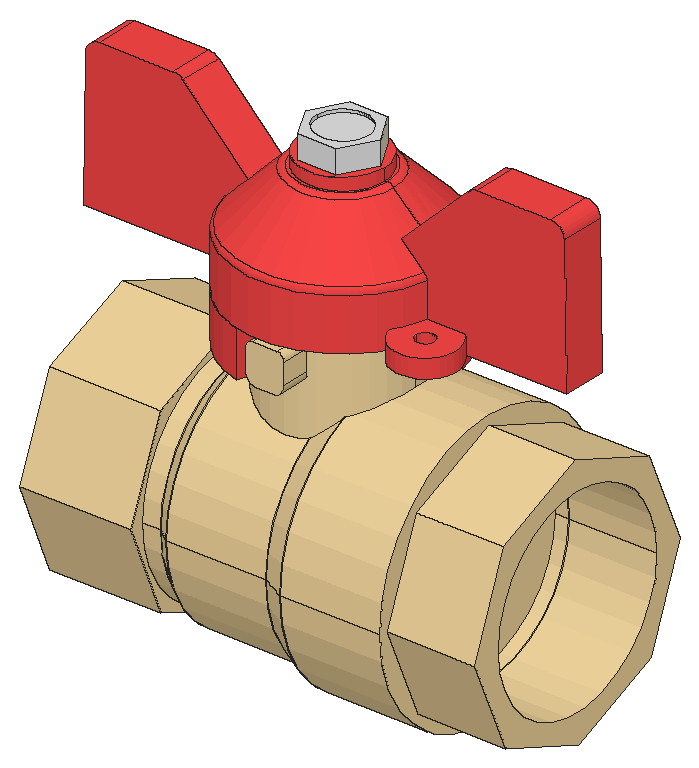
Revit family "Temper_88_КранШаровый-ВВ_Бабочка", category Арматура трубопроводов, Revit 2019
Family settings
  Размер круглого соединителя = Использовать диаметр
  Тип детали = Вставляется
  На основе рабочей плоскости = Нет
  Всегда вертикально = Да
  При загрузке вырезать с полостями = Нет
  Общий = Нет
Parameters (values of type "DN 15")
  Угол [instance] = 135.00°  # constant formula
  ТВ1 = "temper"  # constant formula
  ТВ = "ВВ"  # constant formula
  Разработчик = "https://3dbim.pro/"
  Изготовитель = "ООО «ТД «Темпер»"  # constant formula
  Длина УГО [instance] = L - S1 - S2  # 27 mm
  K [instance] = size_lookup(ТВ, "SW", 10 mm, ADSK_Диаметр условный)  # 25.5 mm
  S2 [instance] = size_lookup(ТВ1, "C", 10 mm, ADSK_Диаметр условный, N)  # 11 mm
  S1 [instance] = size_lookup(ТВ1, "C", 10 mm, ADSK_Диаметр условный, N)  # 11 mm
  N = 7  # constant formula
  L7 [instance] = size_lookup(ТВ, "L7", 10 mm, ADSK_Диаметр условный)  # 9.5 mm
  L6 [instance] = (L - L1 - L2 - L3 - L5 - L7) / 2  # 10.75 mm
  L5 [instance] = size_lookup(ТВ, "L5", 10 mm, ADSK_Диаметр условный)  # 2.6 mm
  L4 [instance] = L6  # 10.75 mm
  L3 [instance] = size_lookup(ТВ, "L3", 10 mm, ADSK_Диаметр условный)  # 1.5 mm
  L2 [instance] = size_lookup(ТВ, "L2", 10 mm, ADSK_Диаметр условный)  # 2 mm
  L1 [instance] = size_lookup(ТВ, "L1", 10 mm, ADSK_Диаметр условный)  # 11.9 mm
  L [instance] = size_lookup(ТВ1, "L", 10 mm, ADSK_Диаметр условный, N)  # 49 mm
  G [instance] = size_lookup(ТВ, "G", 10 mm, ADSK_Диаметр условный)  # 21.5 mm
  F [instance] = size_lookup(ТВ, "F", 10 mm, ADSK_Диаметр условный)  # 15.75 mm
  ET2 [instance] = 0.21 * ET  # 7.875 mm
  ET1 [instance] = if(ADSK_Диаметр условный < 25 mm, 0.43 * ET, if(ADSK_Диаметр условный < 32 mm, 0.38 * ET, 0.36 * ET))  # 16.125 mm
  ET [instance] = size_lookup(ТВ1, "B", 10 mm, ADSK_Диаметр условный, N)  # 37.5 mm
  E [instance] = size_lookup(ТВ, "E", 10 mm, ADSK_Диаметр условный)  # 23.75 mm
  D3 [instance] = size_lookup(ТВ, "D3", 10 mm, ADSK_Диаметр условный)  # 29.5 mm
  D2 [instance] = size_lookup(ТВ, "D2", 10 mm, ADSK_Диаметр условный)  # 26.8 mm
  D1 [instance] = size_lookup(ТВ, "D1", 10 mm, ADSK_Диаметр условный)  # 24.5 mm
  ADSK_Этаж [instance] = ""
  ADSK_Расход жидкости [instance] = 0.0 L/s
  ADSK_Примечание [instance] = ""
  ADSK_Потеря давления жидкости [instance] = 0.0 Pa
  ADSK_Позиция = ""
  ADSK_Обозначение = "ГОСТ Р 59553-2021"  # constant formula
  ADSK_Наименование краткое = "Кран шаровой латунный Temper"  # constant formula
  ADSK_Наименование = size_lookup(ТВ1, "ADSK_Наименование", "", ADSK_Диаметр условный, N)  # "Кран шаровой латунный Temper DN15 (12”) PN40 внутренняявнутренняя бабочка"
  ADSK_Материал = Латунь ЛС59-1В
  ADSK_Масса_Текст = size_lookup(ТВ1, "ADSK_Масса_Текст", "", ADSK_Диаметр условный, N)  # "0.146"
  ADSK_Масса = size_lookup(ТВ1, "ADSK_Масса", 0, ADSK_Диаметр условный, N)  # 0.146
  ADSK_Марка = size_lookup(ТВ1, "ADSK_Код изделия", "", ADSK_Диаметр условный, N)  # "8815ВВБ1240"
  ADSK_Количество = 1  # constant formula
  ADSK_Код изделия = size_lookup(ТВ1, "ADSK_Код изделия", "", ADSK_Диаметр условный, N)  # "8815ВВБ1240"
  ADSK_Зона [instance] = ""
  ADSK_Завод-изготовитель = "ООО «ТД «Темпер»"  # constant formula
  ADSK_Единица измерения = "шт."  # constant formula
  ADSK_Диаметр условный = 15 mm
  ADSK_Группирование [instance] = ""
  ADSK_Версия семейства = "v1.0"  # constant formula
  ADSK_Версия Revit = "2019"  # constant formula
  ADSK_URL страницы изделия = "https://brass.temper.ru/en"
  ADSK_URL документации изделия = "https://brass.temper.ru/en"
Types (5, lengths in mm): name | Длина УГО | K | S2 | S1 | L7 | L6 | L5 | L4 | L3 | L2 | L1 | L | G | F | ET2 | ET1 | ET | E | D3 | D2 | D1 | ADSK_Наименование | ADSK_Масса_Текст | ADSK_Масса | ADSK_Марка | ADSK_Код изделия | ADSK_Диаметр условный
  (no name) | 27 | 25.5 | 11 | 11 | 9.5 | 10.75 | 2.6 | 10.75 | 1.5 | 2 | 11.9 | 49 | 21.5 | 15.75 | 7.875 | 16.125 | 37.5 | 23.75 | 29.5 | 26.8 | 24.5 | "Кран шаровой латунный Temper DN15 (12”) PN40 внутренняявнутренняя бабочка" | "0.146" | 0.146 | "8815ВВБ1240" | "8815ВВБ1240" | 15
  DN 15 | 27 | 25.5 | 11 | 11 | 9.5 | 10.75 | 2.6 | 10.75 | 1.5 | 2 | 11.9 | 49 | 21.5 | 15.75 | 7.875 | 16.125 | 37.5 | 23.75 | 29.5 | 26.8 | 24.5 | "Кран шаровой латунный Temper DN15 (12”) PN40 внутренняявнутренняя бабочка" | "0.146" | 0.146 | "8815ВВБ1240" | "8815ВВБ1240" | 15
  DN 20 | 28.5 | 31.5 | 12 | 12 | 9.7 | 11.05 | 2.6 | 11.05 | 1.6 | 1.9 | 14.6 | 52.5 | 26.5 | 15.75 | 8.295 | 16.985 | 39.5 | 26.5 | 35.5 | 32.75 | 30 | "Кран шаровой латунный Temper DN20 (34”) PN40 внутренняявнутренняя бабочка" | "0.201" | 0.201 | "8820ВВБ3440" | "8820ВВБ3440" | 20
  DN 32 | 41 | 47.5 | 14 | 14 | 12.5 | 13.5 | 3.4 | 13.5 | 2.6 | 4.5 | 19 | 69 | 42 | 21 | 10.395 | 17.82 | 49.5 | 35.45 | 54 | 50.5 | 46.1 | "Кран шаровой латунный Temper DN32 (1 14”) PN25 внутренняявнутренняя бабочка" | "0.555" | 0.555 | "8832ВВБ11425" | "8832ВВБ11425" | 32
  DN 25 | 32 | 38.25 | 14 | 14 | 10.5 | 12.45 | 2.5 | 12.45 | 1.9 | 1.6 | 18.6 | 60 | 33.5 | 20 | 9.03 | 16.34 | 43 | 31.25 | 43 | 40.5 | 37.25 | "Кран шаровой латунный Temper DN25 (1”) PN40 внутренняявнутренняя бабочка" | "0.311" | 0.311 | "8825ВВБ140" | "8825ВВБ140" | 25
Reference planes
  plane 1 "По центру (Вперед/Назад)": y = 0
  plane 2: z = 0
  plane 3 "По центру (Влево/Вправо)": x = 0
  plane 4: x = -23.75
  plane 5: x = 25.25
  plane 6: x = -11.85
  plane 7: x = -9.85
  plane 8: x = -8.35
  plane 9: x = 2.4
  plane 10: x = 5
  plane 11: x = 15.75
  plane 12: x = -12.75
  plane 13: x = 14.25
  plane 14: z = 21.375
  plane 15: z = 37.5
Forms (mm)
  Extrusion 1, solid, material "Латунь ЛС59-1В" <- "ADSK_Материал", detail levels fine
    sketch origin (-18.841, 0, -5.999) x (0, 1, 0) y (0, 0, 1)
      loop
        circle (0, 5.999) r 12.25
    from 6.991 to 8.991
  Extrusion 2, solid, material "Латунь ЛС59-1В" <- "ADSK_Материал", detail levels fine
    sketch origin (-18.841, -37.917, 10.096) x (0, 1, 0) y (0, 0, 1)
      loop
        circle (37.917, -10.096) r 13.4
    from 10.491 to 21.241
  Extrusion 3, solid, material "Латунь ЛС59-1В" <- "ADSK_Материал", detail levels fine
    sketch origin (-18.841, -79.208, 7.932) x (0, 1, 0) y (0, 0, 1)
      loop
        circle (79.208, -7.932) r 14.75
    from 23.841 to 34.591
  Blend 4, solid, material "Латунь ЛС59-1В" <- "ADSK_Материал", detail levels fine
    base sketch origin (-18.841, 0, -5.999) x (0, 1, 0) y (0, 0, 1)
      loop
        circle (0, 5.999) r 12.25
    top sketch origin (-18.841, 0, -5.999) x (0, 1, 0) y (0, 0, 1)
      loop
        circle (0, 5.999) r 13.4
    from 8.991 to 10.491
  Blend 5, solid, material "Латунь ЛС59-1В" <- "ADSK_Материал", detail levels fine
    base sketch origin (-18.841, -33.951, 12.82) x (0, 1, 0) y (0, 0, 1)
      loop
        circle (33.951, -12.82) r 14.75
    top sketch origin (-18.841, -33.951, 12.82) x (0, 1, 0) y (0, 0, 1)
      loop
        circle (33.951, -12.82) r 13.4
    from 23.841 to 21.241
  Extrusion 6, solid, material "Латунь ЛС59-1В" <- "ADSK_Материал", detail levels fine
    sketch origin (0, 0, 0) x (1, 0, 0) y (0, 1, 0)
      loop
        circle (0, 0) r 7.875
    from 0 to 21.375
  Extrusion 7, solid, material "Латунь ЛС59-1В" <- "ADSK_Материал", detail levels fine
    sketch origin (-0.106, -0.025, -0.026) x (0, 1, 0) y (0, 0, 1)
      loop
        line (-9.738, 9.78) -> (-13.775, 0.02) -> (-9.729, -9.737) -> (0.031, -13.775) -> (9.788, -9.728) -> (13.826, 0.032) -> (9.779, 9.789) -> (0.019, 13.826) -> (-9.738, 9.78)
    from -23.644 to -11.744
  Extrusion 8, solid, material "Латунь ЛС59-1В" <- "ADSK_Материал", detail levels fine
    sketch origin (87.39, -0.618, -0.151) x (0, 1, 0) y (0, 0, 1)
      loop
        line (-9.246, 9.802) -> (-13.181, 0) -> (-9.033, -9.714) -> (0.769, -13.649) -> (10.483, -9.501) -> (14.418, 0.301) -> (10.27, 10.015) -> (0.468, 13.95) -> (-9.246, 9.802)
    from -71.64 to -62.14
  Extrusion 9, void
    sketch origin (0, 0, 0) x (0, 1, 0) y (0, 0, 1)
      loop
        circle (0, 0) r 10.75
    from -23.75 to -12.75
  Extrusion 10, void
    sketch origin (0, 0, 0) x (0, 1, 0) y (0, 0, 1)
      loop
        circle (0, 0) r 10.75
    from 14.25 to 25.25
Cuts and joins
  Extrusion 9, Extrusion 10 cuts Extrusion 2
  Extrusion 9, Extrusion 10 cuts Extrusion 3
  Extrusion 9, Extrusion 10 cuts Blend 5
  Extrusion 9, Extrusion 10 cuts Extrusion 6
  Extrusion 9, Extrusion 10 cuts Extrusion 8
  Extrusion 9 cuts Extrusion 7
Dimensions and locks
  "E": plane 3 "По центру (Влево/Вправо)" to plane 4
  plane 5 to plane 3 "По центру (Влево/Вправо)" = 25.25 mm
  "S1": plane 12 to plane 4
  "S2": plane 5 to plane 13
  "L1": plane 6 to plane 4
  "L2": plane 7 to plane 6
  "L3": plane 8 to plane 7
  "L4": plane 9 to plane 8
  "L5": plane 10 to plane 9
  "L6": plane 11 to plane 10
  "L7": plane 5 to plane 11
  "K": Extrusion 7 sketch curve to Extrusion 7 sketch curve  (x4)
  equal spacing: Extrusion 7 sketch curve, plane 1 "По центру (Вперед/Назад)", Extrusion 7 sketch curve  (x4)
  "K": Extrusion 8 sketch curve to Extrusion 8 sketch curve  (x4)
  equal spacing: Extrusion 8 sketch curve, plane 1 "По центру (Вперед/Назад)", Extrusion 8 sketch curve  (x4)
  "ET": plane 15 to plane 2
  "ET1": plane 15 to plane 14
  plane 5 to plane 4 = 49 mm
  "D1": diameter of Extrusion 1 sketch curve
  "D2": diameter of Extrusion 2 sketch curve
  "D3": diameter of Extrusion 3 sketch curve
  "D1": diameter of Blend 4 sketch curve
  "D2": diameter of Blend 4 sketch curve
  "D3": diameter of Blend 5 sketch curve
  "D2": diameter of Blend 5 sketch curve
  "F": diameter of Extrusion 6 sketch curve
  "G": diameter of Extrusion 9 sketch curve
  "G": diameter of Extrusion 10 sketch curve
  angle Extrusion 7 sketch curve to Extrusion 7 sketch curve = 135.00°  (x8)
  angle Extrusion 8 sketch curve to Extrusion 8 sketch curve = 135.00°  (x8)
  aligned and locked: level to plane 2
  aligned and locked: plane 2 to Extrusion 1 sketch curve
  aligned and locked: plane 1 "По центру (Вперед/Назад)" to Extrusion 1 sketch curve
  aligned and locked: level to Blend 4 sketch curve  (x2)
  aligned and locked: plane 1 "По центру (Вперед/Назад)" to Blend 4 sketch curve  (x2)
  aligned and locked: level to Extrusion 2 sketch curve
  aligned and locked: plane 1 "По центру (Вперед/Назад)" to Extrusion 2 sketch curve
  aligned and locked: level to Blend 5 sketch curve  (x2)
  aligned and locked: plane 1 "По центру (Вперед/Назад)" to Blend 5 sketch curve  (x2)
  aligned and locked: level to Extrusion 3 sketch curve
  aligned and locked: plane 1 "По центру (Вперед/Назад)" to Extrusion 3 sketch curve
  aligned and locked: Extrusion 1 to plane 6
  aligned and locked: plane 7 to Extrusion 1
  aligned and locked: Blend 4 to plane 7
  aligned and locked: plane 8 to Blend 4
  aligned and locked: Extrusion 2 to plane 8
  aligned and locked: plane 9 to Extrusion 2
  aligned and locked: Blend 5 to plane 9
  aligned and locked: plane 10 to Blend 5
  aligned and locked: Extrusion 3 to plane 10
  aligned and locked: plane 11 to Extrusion 3
  aligned and locked: plane 1 "По центру (Вперед/Назад)" to Extrusion 6 sketch curve
  aligned and locked: plane 3 "По центру (Влево/Вправо)" to Extrusion 6 sketch curve
  aligned and locked: Extrusion 6 to level
  aligned and locked: Extrusion 7 to plane 4
  aligned and locked: plane 6 to Extrusion 7
  aligned and locked: Extrusion 8 to plane 11
  aligned and locked: plane 5 to Extrusion 8
  aligned and locked: Extrusion 9 to plane 4
  aligned and locked: plane 12 to Extrusion 9
  aligned and locked: Extrusion 10 to plane 13
  aligned and locked: plane 5 to Extrusion 10
  aligned and locked: nested 1 to plane 1 "По центру (Вперед/Назад)"
  aligned and locked: plane 14 to Extrusion 6
  aligned and locked: Extrusion 9 to cut or joined group of Extrusion 7, Extrusion 9
  aligned and locked: Extrusion 10 to cut or joined group of Extrusion 3, Extrusion 9, Extrusion 10
  aligned and locked: cut or joined group of Extrusion 8, Extrusion 9, Extrusion 10 to Extrusion 10
  aligned and locked: nested 1 to plane 12
  aligned and locked: nested 2 to plane 2
  aligned and locked: plane 12 to nested 2
  aligned and locked: plane 14 to nested 3
  aligned and locked: plane 3 "По центру (Влево/Вправо)" to nested 3
  aligned and locked: plane 1 "По центру (Вперед/Назад)" to nested 3
Automatic sketch dimensions
  Extrusion 7 sketch curve to level = 0.006 mm
  Extrusion 8 sketch curve to level = 0.151 mm
  Extrusion 9 sketch curve to level = 0 mm
  Extrusion 9 sketch curve to plane 1 "По центру (Вперед/Назад)" = 0 mm
  Extrusion 10 sketch curve to level = 0 mm
  Extrusion 10 sketch curve to plane 1 "По центру (Вперед/Назад)" = 0 mm
Nested families
  nested 1: "УГО_АТ_Кран шаровой проходной" at (0.75, 0, 0) x (1, 0, 0) z (0, 1, 0), УГО_Длина <- "Длина УГО", type "УГО_АТ_Кран шаровой проходной", detail levels coarse+medium
    with УГО_Длина 27 mm, d 2.7 mm, a 13.5 mm
  nested 2: "УГО_ЭУ_Кран шаровой проходной" at (0.75, 0, 0) x (1, 0, 0) z (0, -1, 0), УГО_Длина <- "Длина УГО", type "УГО_ЭУ_Кран шаровой проходной", detail levels coarse+medium
    with УГО_Длина 27 mm, R 2.7 mm, A 15.588 mm
  nested 3: "Вл_бабочка" at (0, 0, 21.375), Диаметр <- "ADSK_Диаметр условный", type "Красная", detail levels fine
    with Диаметры 25 и 32 no, Диаметры 15 и 20 yes, Диаметр 15 mm
Connectors
  piping at (14.25, 0, 0), diameter 15, driven by "ADSK_Диаметр условный", driven by "ADSK_Расход жидкости", driven by "ADSK_Потеря давления жидкости"
    settings: on cut or joined group of Extrusion 3, Extrusion 9, Extrusion 10, index 1, connector inside diameter 609.6 mm, connector length 0 mm, flow factor 0, pipe flow 0.0 L/s, pressure drop 0.0 Pa, fitting loss kfactor 0, connector angle 0.00°, fixture units 0, engagement length 0 mm, angle of deflection 0.00°, flow configuration 0, flow direction 0, fitting loss method 4, system type 29, joint type 0, gender type 0, connector reference index 2, connector utility 0, adjustable connector no, is connector primary yes, connector description ""
  piping at (-12.75, 0, 0), diameter 15, driven by "ADSK_Диаметр условный", driven by "ADSK_Расход жидкости"
    settings: on cut or joined group of Extrusion 7, Extrusion 9, index 2, connector inside diameter 609.6 mm, connector length 0 mm, flow factor 0, pipe flow 0.0 L/s, pressure drop 0.0 Pa, fitting loss kfactor 0, connector angle 0.00°, fixture units 0, engagement length 0 mm, angle of deflection 0.00°, flow configuration 0, flow direction 0, fitting loss method 0, system type 29, joint type 0, gender type 0, connector reference index 1, connector utility 0, adjustable connector no, is connector primary no, connector description ""
Definition of nested family "УГО_АТ_Кран шаровой проходной"
  Parameters (values of type "УГО_АТ_Кран шаровой проходной")
    УГО_Длина [instance] = 60 mm
    d [instance] = УГО_Длина / 10  # 6 mm
    a [instance] = УГО_Длина / 2  # 30 mm
  Reference planes
    plane 1 "По центру (Вперед/Назад)": y = 0
    plane 2: z = 0
    plane 3 "По центру (Влево/Вправо)": x = 0
    plane 4: x = -30
    plane 5: x = 30
  Forms (mm)
    Extrusion 1, solid
      sketch origin (0, 0, 0) x (1, 0, 0) y (0, 0, 1)
        loop
          line (0, 0) -> (-30, 17.321) -> (-30, -17.321) -> (0, 0)
      from -0.5 to 0.5
    Extrusion 2, solid
      sketch origin (0, 0, 0) x (-1, 0, 0) y (0, 0, -1)
        loop
          line (0, 0) -> (-30, 17.321) -> (-30, -17.321) -> (0, 0)
      from -0.5 to 0.5
    Extrusion 3, solid
      sketch origin (0, 0, 0) x (1, 0, 0) y (0, 0, 1)
        loop
          circle (0, 0) r 6
      from -1 to 1
  Cuts and joins
    joined: Extrusion 1, Extrusion 2, Extrusion 3
  Dimensions and locks
    "a": plane 3 "По центру (Влево/Вправо)" to plane 4
    "a": plane 5 to plane 3 "По центру (Влево/Вправо)"
    "d": radius of Extrusion 3 sketch curve
    locked: plane 2 to Extrusion 2 sketch curve (angle 30.00°)
    locked: Extrusion 2 sketch curve to plane 2 (angle 30.00°)
    locked: Extrusion 1 sketch curve to plane 2 (angle 30.00°)
    locked: plane 2 to Extrusion 1 sketch curve (angle 30.00°)
    aligned and locked: level to plane 2
    aligned and locked: plane 3 "По центру (Влево/Вправо)" to Extrusion 3 sketch curve
    aligned and locked: plane 2 to Extrusion 3 sketch curve
  Automatic sketch dimensions
    Extrusion 1 sketch curve to plane 4 = 0 mm
    Extrusion 1 sketch curve to level = 0 mm
    Extrusion 1 sketch curve to plane 3 "По центру (Влево/Вправо)" = 0 mm
    plane 5 to Extrusion 2 sketch curve = 0 mm
    Extrusion 2 sketch curve to level = 0 mm
    Extrusion 2 sketch curve to plane 3 "По центру (Влево/Вправо)" = 0 mm
Definition of nested family "Вл_бабочка"
  Parameters (values of type "Красная")
    Материал = none
    Диаметры 25 и 32 [instance] = or(Диаметр = 25 mm, Диаметр = 32 mm)  # yes
    Диаметры 15 и 20 [instance] = or(Диаметр = 15 mm, Диаметр = 20 mm)  # no
    Диаметр [instance] = 25 mm
  Reference planes
    plane 1 "По центру (Вперед/Назад)": y = 0
    plane 2: z = 0
    plane 3 "По центру (Влево/Вправо)": x = 0
  Forms (mm)
    Revolve 1, solid, material <- "Материал", visible <- "Диаметры 15 и 20"
      sketch origin (0, 0, 0) x (1, 0, 0) y (0, 0, 1)
        loop
          line (11.2, -5) -> (11.2, 0) -> (8.506, 0) -> (8.506, -5) -> (11.2, -5)
        axis (0, 0) -> (0, -5)
      angle from 13 to 76
    Revolve 2, solid, material <- "Материал", visible <- "Диаметры 15 и 20"
      sketch origin (0, 0, 0) x (-1, 0, 0) y (0, 0, 1)
        loop
          line (11.2, -5) -> (11.2, 0) -> (8.5, 0) -> (8.5, -5) -> (11.2, -5)
        axis (0, 0) -> (0, -5)
      angle from -76 to -13
    Extrusion 3, solid, visible <- "Диаметры 15 и 20"
      sketch origin (0, 0, 0) x (1, 0, 0) y (0, 0, 1)
        loop
          arc (0.858, -5.252) -> (1.706, -4.901) -> (2.058, -4.052) r 1.2
          line (2.058, -4.052) -> (2.058, -1.792)
          arc (2.058, -1.792) -> (1.824, -1.227) -> (1.258, -0.992) r 0.8
          line (1.258, -0.992) -> (-1.258, -0.992)
          arc (-1.258, -0.992) -> (-1.824, -1.227) -> (-2.058, -1.792) r 0.8
          line (-2.058, -1.792) -> (-2.058, -4.052)
          arc (-2.058, -4.052) -> (-1.706, -4.901) -> (-0.858, -5.252) r 1.2
          line (-0.858, -5.252) -> (0.858, -5.252)
      from 0 to 10.5
    Revolve 4, solid, material <- "Материал", visible <- "Диаметры 15 и 20"
      sketch origin (0, 0, 0) x (1, 0, 0) y (0, 0, 1)
        loop
          line (-5.543, 11.707) -> (-10.907, 6.343)
          arc (-10.907, 6.343) -> (-11.124, 6.018) -> (-11.2, 5.636) r 1
          line (-11.2, 5.636) -> (-11.2, 0) -> (0, 0) -> (0, 12) -> (-4.836, 12)
          arc (-4.836, 12) -> (-5.218, 11.924) -> (-5.543, 11.707) r 1
        axis (0, 0) -> (0, 12)
      angle from 0 to 360
    Extrusion 5, solid, material <- "Материал", visible <- "Диаметры 15 и 20"
      sketch origin (0, 0, 0) x (1, 0, 0) y (0, 0, 1)
        loop
          line (26, 0) -> (25.773, 14.773)
          arc (25.773, 14.773) -> (25.325, 15.819) -> (24.273, 16.25) r 1.5
          line (24.273, 16.25) -> (16.371, 16.25)
          arc (16.371, 16.25) -> (15.797, 16.136) -> (15.311, 15.811) r 1.5
          line (15.311, 15.811) -> (1.71, 2.21) -> (1.71, 0) -> (26, 0)
        loop
          line (-26, 0) -> (-1.71, 0) -> (-1.71, 2.21) -> (-15.311, 15.811)
          arc (-15.311, 15.811) -> (-15.797, 16.136) -> (-16.371, 16.25) r 1.5
          line (-16.371, 16.25) -> (-24.273, 16.25)
          arc (-24.273, 16.25) -> (-25.325, 15.819) -> (-25.773, 14.773) r 1.5
          line (-25.773, 14.773) -> (-26, 0)
      from 2.375 to -2.375
    Extrusion 6, solid, material <- "Материал", visible <- "Диаметры 15 и 20"
      sketch origin (0, 0, 0) x (1, 0, 0) y (0, 1, 0)
        loop
          circle (0, 0) r 4.5
      from 12 to 13.27
    Extrusion 7, solid, visible <- "Диаметры 15 и 20"
      sketch origin (0, 0, 0) x (1, 0, 0) y (0, 1, 0)
        loop
          line (-2.021, 3.5) -> (-4.041, 0) -> (-2.021, -3.5) -> (2.021, -3.5) -> (4.041, 0) -> (2.021, 3.5) -> (-2.021, 3.5)
        loop
          circle (0, 0) r 2.8
      from 13.27 to 15.77
    Extrusion 8, solid, visible <- "Диаметры 15 и 20"
      sketch origin (0, 0, 0) x (1, 0, 0) y (0, 1, 0)
        loop
          circle (0, 0) r 2.8
      from 13.27 to 15.5
    Extrusion 9, solid, material <- "Материал", visible <- "Диаметры 15 и 20"
      sketch origin (0, 0, 0) x (1, 0, 0) y (0, 1, 0)
        loop
          arc (9.664, -5.661) -> (14.777, -7.992) -> (14.953, -2.375) r 3.375
          line (14.953, -2.375) -> (10.945, -2.375)
          arc (10.945, -2.375) -> (10.435, -4.069) -> (9.664, -5.661) r 11.2
        loop
          arc (14.953, 2.375) -> (14.777, 7.992) -> (9.664, 5.661) r 3.375
          arc (9.664, 5.661) -> (10.435, 4.069) -> (10.945, 2.375) r 11.2
          line (10.945, 2.375) -> (14.953, 2.375)
        loop
          circle (12.996, 5.125) r 1
        loop
          circle (12.996, -5.125) r 1
      from 0 to 2
    Extrusion 10, solid, material <- "Материал", visible <- "Диаметры 25 и 32"
      sketch origin (0, 0, 0) x (1, 0, 0) y (0, 0, 1)
        loop
          line (-32.134, 16.772) -> (-32.5, 0) -> (-6.434, 0) -> (-18.564, 17.324)
          arc (-18.564, 17.324) -> (-18.922, 17.637) -> (-19.383, 17.75) r 1
          line (-19.383, 17.75) -> (-31.134, 17.75)
          arc (-31.134, 17.75) -> (-31.834, 17.465) -> (-32.134, 16.772) r 1
        loop
          arc (32.134, 16.772) -> (31.834, 17.465) -> (31.134, 17.75) r 1
          line (31.134, 17.75) -> (19.383, 17.75)
          arc (19.383, 17.75) -> (18.922, 17.637) -> (18.564, 17.324) r 1
          line (18.564, 17.324) -> (6.434, 0) -> (32.5, 0) -> (32.134, 16.772)
      from -2.625 to 2.625
    Revolve 11, solid, material <- "Материал", visible <- "Диаметры 25 и 32"
      sketch origin (0, 0, 0) x (1, 0, 0) y (0, 0, 1)
        loop
          line (-15.1, 0) -> (0, 0) -> (0, 8.75) -> (-8.969, 8.75)
          arc (-8.969, 8.75) -> (-9.359, 8.707) -> (-9.73, 8.581) r 1.8
          line (-9.73, 8.581) -> (-14.465, 6.373)
          arc (-14.465, 6.373) -> (-14.928, 5.968) -> (-15.1, 5.377) r 1.1
          line (-15.1, 5.377) -> (-15.1, 0)
        axis (0, 0) -> (0, 8.75)
      angle from 0 to 360
    Revolve 12, solid, material <- "Материал", visible <- "Диаметры 25 и 32"
      sketch origin (0, 0, 0) x (1, 0, 0) y (0, 0, 1)
        loop
          line (15.1, -6) -> (15.1, 0) -> (11.5, 0) -> (11.5, -6) -> (15.1, -6)
        axis (0, -6) -> (0, 0)
      angle from 13 to 76
    Revolve 13, solid, material <- "Материал", visible <- "Диаметры 25 и 32"
      sketch origin (0, 0, 0) x (-1, 0, 0) y (0, 0, 1)
        loop
          line (15.1, -6) -> (15.1, 0) -> (11.5, 0) -> (11.5, -6) -> (15.1, -6)
        axis (0, -6) -> (0, 0)
      angle from -13 to -76
    Extrusion 14, solid, visible <- "Диаметры 25 и 32"
      sketch origin (0, 0, 0) x (1, 0, 0) y (0, 0, 1)
        loop
          arc (2.5, -1.6) -> (2.031, -0.469) -> (0.9, 0) r 1.6
          line (0.9, 0) -> (-0.9, 0)
          arc (-0.9, 0) -> (-2.031, -0.469) -> (-2.5, -1.6) r 1.6
          line (-2.5, -1.6) -> (-2.5, -4.7)
          arc (-2.5, -4.7) -> (-1.973, -5.973) -> (-0.7, -6.5) r 1.8
          line (-0.7, -6.5) -> (0.7, -6.5)
          arc (0.7, -6.5) -> (1.973, -5.973) -> (2.5, -4.7) r 1.8
          line (2.5, -4.7) -> (2.5, -1.6)
      from 0 to 14
    Extrusion 15, solid, visible <- "Диаметры 25 и 32"
      sketch origin (0, 0, 0) x (1, 0, 0) y (0, 1, 0)
        loop
          line (-0.604, 7.074) -> (-5.963, 3.855)
          arc (-5.963, 3.855) -> (-6.21, 3.442) -> (-6.429, 3.014) r 7.1
          line (-6.429, 3.014) -> (-6.319, -3.236)
          arc (-6.319, -3.236) -> (-6.086, -3.657) -> (-5.824, -4.06) r 7.1
          line (-5.824, -4.06) -> (-0.357, -7.091)
          arc (-0.357, -7.091) -> (0.124, -7.099) -> (0.604, -7.074) r 7.1
          line (0.604, -7.074) -> (5.963, -3.855)
          arc (5.963, -3.855) -> (6.21, -3.442) -> (6.429, -3.014) r 7.1
          line (6.429, -3.014) -> (6.319, 3.236)
          arc (6.319, 3.236) -> (6.086, 3.657) -> (5.824, 4.06) r 7.1
          line (5.824, 4.06) -> (0.357, 7.091)
          arc (0.357, 7.091) -> (-0.124, 7.099) -> (-0.604, 7.074) r 7.1
        loop
          circle (0, 0) r 4.2
      from 8.75 to 13.75
    Extrusion 16, solid, visible <- "Диаметры 25 и 32"
      sketch origin (0, 0, 0) x (1, 0, 0) y (0, 1, 0)
        loop
          line (2.66, 3.25) -> (-2.66, 3.25)
          arc (-2.66, 3.25) -> (-4.2, 0) -> (-2.66, -3.25) r 4.2
          line (-2.66, -3.25) -> (2.66, -3.25)
          arc (2.66, -3.25) -> (4.2, 0) -> (2.66, 3.25) r 4.2
      from 8.75 to 15
    Extrusion 17, solid, material <- "Материал", visible <- "Диаметры 25 и 32"
      sketch origin (0, 0, 0) x (1, 0, 0) y (0, 1, 0)
        loop
          circle (-15.906, 3.882) r 3
        loop
          circle (15.906, -3.882) r 3
        loop
          circle (-15.906, 3.882) r 1.25
        loop
          circle (15.906, -3.882) r 1.25
      from 0 to 2.5
  Cuts and joins
    joined: Revolve 4, Extrusion 5
    joined: Extrusion 10, Revolve 11
  Dimensions and locks
    aligned and locked: level to plane 2
Definition of nested family "УГО_ЭУ_Кран шаровой проходной"
  Parameters (values of type "УГО_ЭУ_Кран шаровой проходной")
    УГО_Длина [instance] = 54 mm
    R [instance] = УГО_Длина / 10  # 5.4 mm
    A [instance] = УГО_Длина / tan(60.00°)  # 31.177 mm
  Reference planes
    plane 1 "По центру (Вперед/Назад)": y = 0
    plane 2: z = 0
    plane 3 "По центру (Влево/Вправо)": x = 0
    plane 4: x = -27
    plane 5: x = 27
    plane 6: y = 15.588
    plane 7: y = -15.588
  Lines and regions (mm)
    Filled region 1, type "УГО_ЭУ_Белый", in view "Опорный уровень"
      outline origin (0, 0, 0) x (1, 0, 0) y (0, 1, 0)
        loop
          circle (0, 0) r 5.4
    Masking region 1, in view "Опорный уровень"
      outline origin (0, 0, 0) x (1, 0, 0) y (0, 1, 0)
        loop
          line (-27, 15.588) -> (-27, -15.588) -> (-4.677, -2.7)
          arc (-4.677, -2.7) -> (-5.4, 0) -> (-4.677, 2.7) r 5.4
          line (-4.677, 2.7) -> (-27, 15.588)
    Masking region 2, in view "Опорный уровень"
      outline origin (0, 0, 0) x (1, 0, 0) y (0, 1, 0)
        loop
          line (27, 15.588) -> (4.677, 2.7)
          arc (4.677, 2.7) -> (5.4, 0) -> (4.677, -2.7) r 5.4
          line (4.677, -2.7) -> (27, -15.588) -> (27, 15.588)
  Dimensions and locks
    equal spacing: plane 4, plane 3 "По центру (Влево/Вправо)", plane 5
    "УГО_Длина": plane 4 to plane 5
    equal spacing: plane 6, plane 1 "По центру (Вперед/Назад)", plane 7
    "A": plane 6 to plane 7
    "R": radius of Masking region 1 sketch curve
    "R": radius of Masking region 2 sketch curve
    "R": radius of Filled region 1 sketch curve
    locked: Masking region 1 sketch curve to plane 6 (angle 30.00°)
    locked: plane 7 to Masking region 1 sketch curve (angle 30.00°)
    locked: plane 6 to Masking region 2 sketch curve (angle 30.00°)
    locked: Masking region 2 sketch curve to plane 7 (angle 30.00°)
    aligned and locked: plane 3 "По центру (Влево/Вправо)" to Masking region 1 sketch curve
    aligned and locked: plane 1 "По центру (Вперед/Назад)" to Masking region 1 sketch curve
    aligned and locked: plane 3 "По центру (Влево/Вправо)" to Masking region 2 sketch curve
    aligned and locked: plane 1 "По центру (Вперед/Назад)" to Masking region 2 sketch curve
    aligned and locked: plane 5 to Masking region 2 sketch curve  (x2)
    aligned and locked: plane 6 to Masking region 1 sketch curve
    aligned and locked: plane 7 to Masking region 1 sketch curve
    aligned and locked: plane 4 to Masking region 1 sketch curve  (x2)
    aligned and locked: plane 6 to Masking region 2 sketch curve
    aligned and locked: plane 7 to Masking region 2 sketch curve
  Automatic sketch dimensions
    plane 1 "По центру (Вперед/Назад)" to Filled region 1 sketch curve = 0 mm
    Filled region 1 sketch curve to plane 3 "По центру (Влево/Вправо)" = 0 mm
